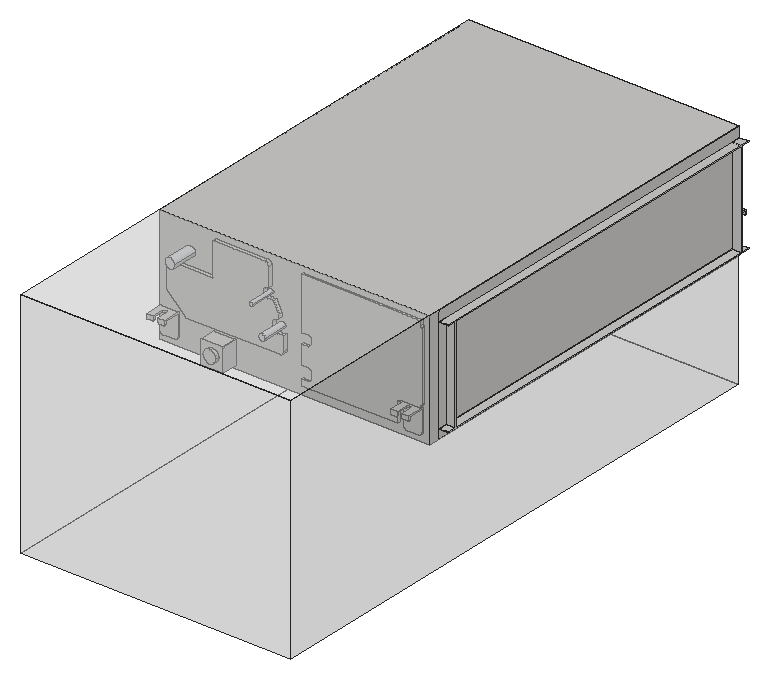
Revit family "outputfile", category 機械設備, Revit 2024
Family settings
  丸型コネクタ寸法 = 半径を使用
  パーツ タイプ = 標準
  OmniClass 番号 = 23.75.10.24.21.27.27
  OmniClass タイトル = Split System Air Conditioning Units
  作業面ベース = いいえ
  常に垂直 = はい
  ロード時にボイドで切り取り = いいえ
  注釈の向きを維持 = いいえ
  共有 = いいえ
  部屋計算ポイント = はい
Parameters (values of type "FXMQ140AFVM")
  Description = ""
  製造元 = "Daikin"
  書き出し IFC クラス(タイプ) = "IfcUnitaryEquipmentType"
  定義済み IFC タイプ(タイプ) = "AIRCONDITIONINGUNIT"
  Cost = 0
  モデル = "FXMQ140AFVM"
  Type Comments = ""
  Keynote = ""
  Type Image = (empty or 0)
  Assembly Code = ""
  w_dischargeflange = 805.0 mm
  w_dsuctionflange = 970.0 mm
  r_Liquid Pipe Size = Liquid Pipe Size / 2  # 4.75 mm
  r_Gas Pipe Size = Gas Pipe Size / 2  # 7.95 mm
  r_Drain Pipe Size = Drain Pipe Size / 2  # 12.5 mm
  lw_powersupply = 380.0 mm  # constant formula
  lw_mountinghole_pitch = 631.0 mm  # constant formula
  lw_mountinghole = 27.0 mm  # constant formula
  lw_maintenacesocket = 169.0 mm  # constant formula
  lw_liquidpipe = 290.0 mm  # constant formula
  lw_gaspipe = 318.0 mm  # constant formula
  lw_drainpipe = 80.0 mm  # constant formula
  lh_dischargeflange = 165.0 mm  # constant formula
  lh_powersupply = 56.0 mm  # constant formula
  lh_maintenacesocket = 40.0 mm  # constant formula
  lh_liquidpipe = 212.0 mm  # constant formula
  lh_gaspipe = 144.0 mm  # constant formula
  lh_drainpipe = 232.0 mm  # constant formula
  lh_suctionflange = 150.0 mm  # constant formula
  lh_antena = Height - lh_mountinghole + 1.0 mm  # 221.0 mm
  ld_dischargeflange = 435.0 mm
  ld_powersupply = Depth / 2  # 500.0 mm
  ld_mountinghole_pitch = 1038.0 mm
  ld_suctionflange = 513.0 mm
  h_dischargeflange = 265.0 mm  # constant formula
  lh_mountinghole = 80.0 mm  # constant formula
  h_mountinghole = [h***] + lh_mountinghole  # 80.0 mm
  h_suctionflange = 297.0 mm  # constant formula
  h*** = 0.0 mm  # constant formula
  d_dischargeflange = 25.0 mm  # constant formula
  d_pipe = 65.0 mm
  d_suctionflange = 25.0 mm  # constant formula
  Width = 700.0 mm
  Voltage_comment_60Hz = "220-230"
  Voltage_comment_50Hz = "220-240"
  Voltage_60Hz = 220 V
  Voltage_50Hz = 230 V
  Version = "ver.1.0"
  Unit Type = "Outdoor Air Processing Unit"
  Unit Mass Weight = 37.00 kg
  Unit Designation [instance] = ""
  Uniclass2015Version = "Products v1.30"
  Uniclass2015Title = "Variable refrigerant flow units"
  Uniclass2015Code = "Pr_70_65_03_94"
  URL = ""
  Total Heating Capacity [instance] = 0.000 kW
  Total Cooling Capacity [instance] = 0.000 kW
  Supply Air Direction [instance] = yes
  Sound Pressure Level_M speed (dBA) = 34
  Sound Pressure Level_L speed (dBA) = 25
  Sound Pressure Level_H speed (dBA) = 41
  Sound Power Level_H speed (dB) = 0
  Series = "VRV Fan Coil Unit"
  Sensible Cooling Capacity [instance] = 0.000 kW
  SA Duct Size Width = 760.0 mm
  SA Duct Size Height = 215.0 mm
  Refrigerant Type = "R410A"
  Power Input (Heating) = 0.125 kW
  Power Input (Cooling) = 0.100 kW
  Phase_60Hz = 1
  Phase_50Hz = 1
  Option Accessory 3 [instance] = ""
  Option Accessory 2 [instance] = ""
  Option Accessory 1 [instance] = ""
  OA Duct Size Width = 925.0 mm
  OA Duct Size Height = 247.0 mm
  Nominal Heating Capacity = 14.000 kW
  Nominal Cooling Capacity = 16.000 kW
  Minimum External Static Pressure = 50.00 Pa
  Minimum Circuit Amps_60Hz = 1.75 A
  Minimum Circuit Amps_50Hz = 1.75 A
  Minimum Airflow = 618.00 m³/h
  Median Airflow = 924.00 m³/h
  Maximum Fuse Amps_60Hz = 16.0 A
  Maximum Fuse Amps_50Hz = 16.0 A
  Maximum External Static Pressure = 200.00 Pa
  Maximum Airflow = 1230.00 m³/h
  Material_Casing = DAIKIN_GalvanizedSteel_Casing_indoorunit
  Load Classification = HVAC
  Liquid Pipe Size = 9.5 mm
  Link_Nested Family [instance] = ""
  IfcVersion = "0"
  IfcExportType = "AIRCONDITIONINGUNIT"
  IfcExportAs = "IfcUnitaryEquipmentType"
  Height = 300.0 mm
  Heating Entering Wet Bulb Temperature [instance] = 0.00 °C
  Heating Entering Dry Bulb Temperature [instance] = 0.00 °C
  Heating Ambient Wet Bulb Temperature [instance] = 0.00 °C
  Heating Ambient Dry Bulb Temperature [instance] = 0.00 °C
  Heat Exchanger Type = "Cross Fin Coil"
  Gas Pipe Size = 15.9 mm
  Frequency_60Hz = 60 Hz
  Frequency_50Hz = 50 Hz
  Fan Type = "Sirocco Fan"
  Fan Drive = "Direct Drive"
  FCU Tag No. [instance] = ""
  Drain Pipe Size = 25.0 mm
  Design Supply Airflow [instance] = 0.00 m³/h
  Design Outdoor Airflow [instance] = 0.00 m³/h
  Design External Static Pressure [instance] = 0.00 Pa
  Depth = 1000.0 mm
  既定の高さ = 0.0 mm
  Cooling Entering Wet Bulb Temperature [instance] = 0.00 °C
  Cooling Entering Dry Bulb Temperature [instance] = 0.00 °C
  Cooling Ambient Wet Bulb Temperature [instance] = 0.00 °C
  Cooling Ambient Dry Bulb Temperature [instance] = 0.00 °C
  Clearance visibility [instance] = yes
  Clearance Top = 0.0 mm
  Clearance Right = 0.0 mm
  Clearance Rear = 0.0 mm
  Clearance Left = 0.0 mm
  Clearance Front = 450.0 mm
  Clearance Bottom = 300.0 mm
Reference planes
  plane 1 "Center (Front/Back)": y = 0
  plane 2: z = 0
  plane 3 "Center (Left/Right)": x = 0
  plane 4 "Back": y = 500
  plane 5 "Front": y = -500
  plane 6 "Left": x = -350
  plane 7 "Right": x = 350
  plane 8 "Top": z = 0
  plane 9 "Bottom": z = -300
  plane 10: y = 500
  plane 11: y = -950
  plane 12: x = 350
  plane 13: x = -350
  plane 14: z = 0
  plane 15: z = -600
  plane 16: y = -506
  plane 17: y = -510
  plane 18: y = -541
  plane 19: y = -549
  plane 20: y = -565
  plane 21 "ld_drainpipe": x = -270
  plane 22 "ld_liquidpipe": x = -60
  plane 23 "ld_gaspipe": x = -32
  plane 24 "lh_gaspipe": z = -156
  plane 25 "lh_drainpipe": z = -68
  plane 26 "lh_liquidpipe": z = -88
  plane 27 "h_mountinghole": z = -220
  plane 28: x = -323
  plane 29: x = 308
  plane 30: y = 519
  plane 31: y = -519
  plane 32 "lh_powersuply": z = -244
  plane 33 "ld_powersupply": x = 30
  plane 34 "lh_dischargeflange": z = -150
  plane 35 "ld_dischargeflange": y = 13
  plane 36 "ld_suctionflange": y = 65
  plane 37 "lh_suctionflange": z = -135
  plane 38 "lh_maintenacesocket": z = -260
  plane 39 "lw_maintenacesocket": x = -181
Forms (mm)
  Extrusion 1, solid, material "DAIKIN_GalvanizedSteel_Casing_indoorunit" <- "Material_Casing"
    sketch origin (0, 0, 0) x (1, 0, 0) y (0, 0, 1)
      loop
        line (-350, 0) -> (-350, -300) -> (350, -300) -> (350, 0) -> (-350, 0)
    from -500 to 500
  Extrusion 2, solid, material "DAIKIN_GalvanizedSteel_Casing_indoorunit" <- "Material_Casing"
    sketch origin (0, 0, 0) x (1, 0, 0) y (0, 0, 1)
      loop
        line (23.104, -151.299) -> (41.1, -151.326)
        arc (41.1, -151.326) -> (46.767, -153.673) -> (49.114, -159.34) r 8.015
        line (49.114, -159.34) -> (49.104, -169.302)
        arc (49.104, -169.302) -> (46.761, -174.959) -> (41.104, -177.302) r 8
        line (41.104, -177.302) -> (23.104, -177.302) -> (23.104, -227.302) -> (41.104, -227.302)
        arc (41.104, -227.302) -> (46.761, -229.645) -> (49.104, -235.302) r 8
        line (49.104, -235.302) -> (49.104, -251.302)
        arc (49.104, -251.302) -> (46.761, -256.959) -> (41.104, -259.302) r 8
        line (41.104, -259.302) -> (23.104, -259.302) -> (23.104, -274.802) -> (271.104, -274.802) -> (271.104, -224.802)
        arc (271.104, -224.802) -> (272.568, -221.266) -> (276.104, -219.802) r 5
        line (276.104, -219.802) -> (327.104, -219.802)
        spline (327.104, -219.802) -> (327.496, -219.776) -> (327.88, -219.7) -> (328.252, -219.574) -> (328.604, -219.4) -> (328.93, -219.182) -> (329.225, -218.923) -> (329.484, -218.628) -> (329.702, -218.302) -> (329.876, -217.95) -> (330.002, -217.578) -> (330.078, -217.194) -> (330.104, -216.802)
        line (330.104, -216.802) -> (330.104, -213) -> (332, -213)
        arc (332, -213) -> (334.121, -212.121) -> (335, -210) r 3
        line (335, -210) -> (335, -32)
        arc (335, -32) -> (334.121, -29.879) -> (332, -29) r 3
        line (332, -29) -> (330.104, -29) -> (330.104, -15.8) -> (23.104, -15.8) -> (23.104, -151.299)
    from 500 to 506
  Extrusion 3, solid, material "DAIKIN_GalvanizedSteel_Casing_indoorunit" <- "Material_Casing"
    sketch origin (0, 0, 0) x (1, 0, 0) y (0, 0, 1)
      loop
        line (-70, -15.8) -> (-201, -15.8)
        arc (-201, -15.8) -> (-203.121, -16.679) -> (-204, -18.8) r 3
        line (-204, -18.8) -> (-204, -102) -> (-321, -102)
        arc (-321, -102) -> (-323.121, -102.879) -> (-324, -105) r 3
        line (-324, -105) -> (-324, -167.757)
        arc (-324, -167.757) -> (-323.772, -168.905) -> (-323.121, -169.879) r 3
        line (-323.121, -169.879) -> (-274.879, -218.121)
        arc (-274.879, -218.121) -> (-273.905, -218.772) -> (-272.757, -219) r 3
        line (-272.757, -219) -> (-30, -219)
        arc (-30, -219) -> (-22.929, -216.071) -> (-20, -209) r 10
        line (-20, -209) -> (-20, -172.5) -> (-26.169, -172.5)
        arc (-26.169, -172.5) -> (-49.051, -159.94) -> (-34, -138.615) r 17.5
        line (-34, -138.615) -> (-34, -127.5) -> (-47, -100.5) -> (-56.429, -100.5)
        arc (-56.429, -100.5) -> (-72.874, -89.803) -> (-60, -75) r 13
        line (-60, -75) -> (-60, -25.8)
        arc (-60, -25.8) -> (-62.929, -18.729) -> (-70, -15.8) r 10
    from 510 to 500
  Extrusion 4, solid, material "DAIKIN_GalvanizedSteel_Casing_indoorunit" <- "Material_Casing"
    sketch origin (0, 0, 0) x (1, 0, 0) y (0, 0, 1)
      loop
        line (-209.102, -232.7) -> (-209.102, -292.398) -> (-152.898, -292.398) -> (-152.898, -232.7)
        arc (-152.898, -232.7) -> (-153.133, -232.133) -> (-153.7, -231.898) r 0.802
        line (-153.7, -231.898) -> (-208.298, -231.898)
        arc (-208.298, -231.898) -> (-208.865, -232.133) -> (-209.102, -232.7) r 0.802
    from 500 to 541
  Extrusion 5, solid, material "DAIKIN_GalvanizedSteel_Casing_indoorunit" <- "Material_Casing"
    sketch origin (0, 0, 0) x (1, 0, 0) y (0, 0, 1)
      loop
        circle (-181, -260) r 16.5
    from 541 to 549
  Extrusion 6, solid
    sketch origin (0, 0, 0) x (1, 0, 0) y (0, 0, 1)
      loop
        circle (-270, -68) r 12.5
      loop
        circle (-60, -88) r 4.75
      loop
        circle (-32, -156) r 7.95
    from 500 to 565
Dimensions and locks
  "Height": plane 8 "Top" to plane 9 "Bottom"
  equal spacing: plane 6 "Left", plane 3 "Center (Left/Right)", plane 7 "Right", locked at 350 each
  "Width": plane 6 "Left" to plane 7 "Right"
  equal spacing: plane 4 "Back", plane 1 "Center (Front/Back)", plane 5 "Front"
  "Depth": plane 4 "Back" to plane 5 "Front"
  "Clearance Left": plane 13 to plane 6 "Left"
  "Clearance Right": plane 7 "Right" to plane 12
  "Clearance Rear": plane 10 to plane 4 "Back"
  "Clearance Front": plane 5 "Front" to plane 11
  "Clearance Top": plane 14 to plane 8 "Top"
  "Clearance Bottom": plane 9 "Bottom" to plane 15
  Extrusion 2 sketch curve to Extrusion 2 sketch curve to Extrusion 2 sketch curve = 307.0 mm locked, 4.896 mm locked
  Extrusion 2 sketch curve to Extrusion 2 sketch curve to Extrusion 2 sketch curve to Extrusion 2 sketch curve to Extrusion 2 sketch curve = 26.0 mm locked, 222.0 mm locked, 59.0 mm locked, 4.896 mm locked
  locked: Extrusion 2 sketch curve to Extrusion 2 sketch curve at 26.01
  locked: Extrusion 2 sketch curve to nested 1 at 23.104
  locked: Extrusion 2 sketch curve to plane 3 "Center (Left/Right)" at 23.104
  plane 3 "Center (Left/Right)" to Extrusion 2 sketch curve = 23.104 mm
  Extrusion 2 sketch curve to Extrusion 2 sketch curve to Extrusion 2 sketch curve to Extrusion 2 sketch curve to Extrusion 2 sketch curve = 161.502 mm locked, 50.0 mm locked, 32.0 mm locked, 15.5 mm locked
  locked: Extrusion 2 sketch curve to Extrusion 2 sketch curve at 68.127
  locked: Extrusion 2 sketch curve to Extrusion 2 sketch curve at 13.2
  locked: Extrusion 2 sketch curve to Extrusion 2 sketch curve at 6.802
  locked: Extrusion 2 sketch curve to Extrusion 2 sketch curve at 55
  locked: plane 5 "Front" to plane 16 at 6
  locked: plane 5 "Front" to plane 17 at 10
  locked: plane 5 "Front" to plane 18 at 41
  "d_pipe": plane 5 "Front" to plane 20
  "lw_drainpipe": plane 6 "Left" to plane 21 "ld_drainpipe"
  "lw_liquidpipe": plane 6 "Left" to plane 22 "ld_liquidpipe"
  "lw_gaspipe": plane 6 "Left" to plane 23 "ld_gaspipe"
  "lh_gaspipe": plane 24 "lh_gaspipe" to plane 9 "Bottom"
  "lh_liquidpipe": plane 26 "lh_liquidpipe" to plane 9 "Bottom"
  "lh_drainpipe": plane 25 "lh_drainpipe" to plane 9 "Bottom"
  "lh_mountinghole": plane 27 "h_mountinghole" to plane 9 "Bottom"
  "lw_mountinghole": plane 6 "Left" to plane 28
  "lw_mountinghole_pitch": plane 28 to plane 29
  equal spacing: plane 30, plane 1 "Center (Front/Back)", plane 31
  "ld_mountinghole_pitch": plane 30 to plane 31
  locked: Extrusion 3 sketch curve to plane 6 "Left" at 146
  locked: Extrusion 3 sketch curve to plane 6 "Left" at 290
  locked: plane 6 "Left" to Extrusion 3 sketch curve at 26
  locked: Extrusion 3 sketch curve to plane 6 "Left" at 316
  locked: Extrusion 3 sketch curve to plane 6 "Left" at 330
  locked: Extrusion 3 sketch curve to plane 9 "Bottom" at 81
  locked: Extrusion 3 sketch curve to plane 9 "Bottom" at 284.2
  locked: Extrusion 3 sketch curve to plane 9 "Bottom" at 199.5
  locked: Extrusion 3 sketch curve to plane 9 "Bottom" at 127.5
  locked: Extrusion 3 sketch curve to plane 9 "Bottom" at 198
  "lh_powersupply": plane 32 "lh_powersuply" to plane 9 "Bottom"
  "lw_powersupply": plane 6 "Left" to plane 33 "ld_powersupply"
  "lh_suctionflange": plane 34 "lh_dischargeflange" to plane 9 "Bottom"
  "ld_suctionflange": plane 35 "ld_dischargeflange" to plane 5 "Front"
  "ld_dischargeflange": plane 4 "Back" to plane 36 "ld_suctionflange"
  "lh_dischargeflange": plane 37 "lh_suctionflange" to plane 9 "Bottom"
  locked: plane 5 "Front" to plane 19 at 49
  "lh_maintenacesocket": plane 38 "lh_maintenacesocket" to plane 9 "Bottom"
  "lw_maintenacesocket": plane 6 "Left" to plane 39 "lw_maintenacesocket"
  equal spacing: Extrusion 4 sketch curve, plane 39 "lw_maintenacesocket", Extrusion 4 sketch curve
  locked: Extrusion 4 sketch curve to Extrusion 4 sketch curve at 56.204
  Extrusion 4 sketch curve to plane 38 "lh_maintenacesocket" to Extrusion 4 sketch curve = 28.102 mm locked, 32.398 mm locked
  "r_Drain Pipe Size": radius of Extrusion 6 sketch curve
  "r_Liquid Pipe Size": radius of Extrusion 6 sketch curve
  "r_Gas Pipe Size": radius of Extrusion 6 sketch curve
  aligned and locked: level to plane 2
  aligned and locked: Extrusion 1 sketch curve to plane 8 "Top"
  aligned and locked: plane 6 "Left" to Extrusion 1 sketch curve
  aligned and locked: plane 9 "Bottom" to Extrusion 1 sketch curve
  aligned and locked: Extrusion 1 sketch curve to plane 7 "Right"
  aligned and locked: plane 4 "Back" to Extrusion 1
  aligned and locked: Extrusion 1 to plane 5 "Front"
  aligned and locked: plane 10 to nested 1
  aligned and locked: plane 11 to nested 1
  aligned and locked: plane 12 to nested 1
  aligned and locked: nested 1 to plane 13
  aligned and locked: plane 15 to nested 1
  aligned and locked: plane 14 to nested 1
  aligned and locked: Extrusion 2 to plane 16
  aligned and locked: plane 5 "Front" to Extrusion 2
  aligned and locked: Extrusion 4 to plane 18
  aligned and locked: plane 5 "Front" to Extrusion 4
  aligned and locked: Extrusion 5 to plane 19
  aligned and locked: plane 18 to Extrusion 5
  aligned and locked: plane 25 "lh_drainpipe" to Extrusion 6 sketch curve
  aligned and locked: plane 21 "ld_drainpipe" to Extrusion 6 sketch curve
  aligned and locked: plane 26 "lh_liquidpipe" to Extrusion 6 sketch curve
  aligned and locked: plane 22 "ld_liquidpipe" to Extrusion 6 sketch curve
  aligned and locked: plane 23 "ld_gaspipe" to Extrusion 6 sketch curve
  aligned and locked: plane 24 "lh_gaspipe" to Extrusion 6 sketch curve
  aligned and locked: Extrusion 6 to plane 20
  aligned and locked: plane 5 "Front" to Extrusion 6
  aligned and locked: nested 2 to plane 5 "Front"
  aligned and locked: nested 2 to plane 21 "ld_drainpipe"
  aligned and locked: plane 25 "lh_drainpipe" to nested 2
  aligned and locked: nested 3 to plane 5 "Front"
  aligned and locked: nested 4 to plane 5 "Front"
  aligned and locked: plane 26 "lh_liquidpipe" to nested 3
  aligned and locked: plane 24 "lh_gaspipe" to nested 4
  aligned and locked: plane 29 to nested 5
  aligned and locked: plane 4 "Back" to nested 5
  aligned and locked: plane 27 "h_mountinghole" to nested 5
  aligned and locked: plane 28 to nested 6
  aligned and locked: plane 4 "Back" to nested 6
  aligned and locked: plane 27 "h_mountinghole" to nested 6
  aligned and locked: nested 7 to plane 29
  aligned and locked: plane 5 "Front" to nested 7
  aligned and locked: plane 5 "Front" to nested 8
  aligned and locked: nested 8 to plane 28
  aligned and locked: nested 7 to plane 27 "h_mountinghole"
  aligned and locked: nested 8 to plane 27 "h_mountinghole"
  aligned and locked: Extrusion 3 to plane 17
  aligned and locked: plane 5 "Front" to Extrusion 3
  aligned and locked: nested 11 to plane 28
  aligned and locked: nested 11 to plane 30
  aligned and locked: nested 12 to plane 29
  aligned and locked: nested 12 to plane 30
  aligned and locked: nested 9 to plane 29
  aligned and locked: plane 31 to nested 9
  aligned and locked: nested 10 to plane 28
  aligned and locked: plane 31 to nested 10
  aligned and locked: nested 13 to plane 32 "lh_powersuply"
  aligned and locked: plane 1 "Center (Front/Back)" to nested 14
  aligned and locked: nested 14 to plane 3 "Center (Left/Right)"
  aligned and locked: plane 34 "lh_dischargeflange" to nested 15
  aligned and locked: plane 7 "Right" to nested 15
  aligned and locked: plane 35 "ld_dischargeflange" to nested 15
  aligned and locked: nested 16 to plane 36 "ld_suctionflange"
  aligned and locked: nested 16 to plane 6 "Left"
  aligned and locked: plane 37 "lh_suctionflange" to nested 16
  aligned and locked: nested 17 to plane 6 "Left"
  aligned and locked: nested 17 to plane 36 "ld_suctionflange"
  aligned and locked: plane 7 "Right" to nested 18
  aligned and locked: plane 35 "ld_dischargeflange" to nested 18
  aligned and locked: nested 18 to plane 34 "lh_dischargeflange"
  aligned and locked: nested 17 to plane 37 "lh_suctionflange"
  aligned and locked: plane 38 "lh_maintenacesocket" to Extrusion 5 sketch curve
  aligned and locked: plane 39 "lw_maintenacesocket" to Extrusion 5 sketch curve
  aligned and locked: nested 3 to plane 22 "ld_liquidpipe"
  aligned and locked: nested 4 to plane 23 "ld_gaspipe"
  aligned and locked: nested 13 to plane 33 "ld_powersupply"
  aligned and locked: level to plane 8 "Top"
Automatic sketch dimensions
  Extrusion 2 sketch curve to Extrusion 2 sketch curve = 0.027 mm
  Extrusion 2 sketch curve to Extrusion 2 sketch curve = 8.015 mm
  Extrusion 2 sketch curve to Extrusion 2 sketch curve = 8.01 mm
  Extrusion 2 sketch curve to Extrusion 2 sketch curve = 0.0 mm  (x4)
  Extrusion 2 sketch curve to Extrusion 2 sketch curve = 8.0 mm  (x3)
  Extrusion 2 sketch curve to Extrusion 2 sketch curve = 5.0 mm
  Extrusion 2 sketch curve to Extrusion 2 sketch curve = 3.0 mm  (x2)
  Extrusion 2 sketch curve to Extrusion 2 sketch curve = 1.896 mm  (x2)
  Extrusion 2 sketch curve to plane 8 "Top" = 15.8 mm
  Extrusion 4 sketch curve to Extrusion 4 sketch curve = 0.804 mm
  Extrusion 4 sketch curve to Extrusion 4 sketch curve = 0.802 mm  (x2)
  Extrusion 4 sketch curve to Extrusion 4 sketch curve = 0.0 mm
  plane 23 "ld_gaspipe" to Extrusion 3 sketch curve = 0.0 mm
  Extrusion 3 sketch curve to plane 24 "lh_gaspipe" = 0.0 mm
  Extrusion 3 sketch curve to plane 26 "lh_liquidpipe" = 0.0 mm
  plane 28 to Extrusion 3 sketch curve = 0.121 mm
  Extrusion 3 sketch curve to plane 28 = 2.0 mm  (x2)
  plane 21 "ld_drainpipe" to Extrusion 3 sketch curve = 4.879 mm
  plane 21 "ld_drainpipe" to Extrusion 3 sketch curve = 2.757 mm
  Extrusion 3 sketch curve to Extrusion 3 sketch curve = 3.0 mm  (x2)
  plane 22 "ld_liquidpipe" to Extrusion 3 sketch curve = 10.0 mm
  Extrusion 3 sketch curve to plane 22 "ld_liquidpipe" = 3.571 mm
  Extrusion 3 sketch curve to Extrusion 3 sketch curve = 9.429 mm
  Extrusion 3 sketch curve to plane 23 "ld_gaspipe" = 2.0 mm
  Extrusion 3 sketch curve to plane 23 "ld_gaspipe" = 5.831 mm
  Extrusion 3 sketch curve to plane 24 "lh_gaspipe" = 11.757 mm
  Extrusion 3 sketch curve to Extrusion 3 sketch curve = 11.115 mm
  radius of Extrusion 5 sketch curve = 16.5 mm
Nested families
  nested 1: "daikin_clearancespace" at (0, -225, -299.881), visible <- "Clearance visibility", show <- "Clearance visibility", Link_Nested Family <- "Link_Nested Family", type "daikin_clearancespace"
    with width 700.0 mm, show yes, height 600.0 mm, depth 1450.0 mm, Link_Nested Family ""
  nested 2: "daikin_connector_rotate2" at (-270, -500, -68), length <- "d_pipe", radius <- "r_Drain Pipe Size", type "daikin_connector_rotate2"
    with radius 12.5 mm, length 65.0 mm, angle_vertical 90.00°, show_face no
  nested 3: "daikin_connector_rotate2" at (-60, -500, -88), length <- "d_pipe", radius <- "r_Liquid Pipe Size", type "daikin_connector_rotate2"
    with radius 4.75 mm, length 65.0 mm, angle_vertical 90.00°, show_face no
  nested 4: "daikin_connector_rotate2" at (-32, -500, -156), length <- "d_pipe", radius <- "r_Gas Pipe Size", type "daikin_connector_rotate2"
    with radius 7.95 mm, length 65.0 mm, angle_vertical 90.00°, show_face no
  nested 5: "daikin_hangerfixture_CeilingMountedDuct" at (308, 500, -220) x (-1, 0, 0) z (0, 0, 1), type "daikin_hangerfixture_CeilingMountedDuct"
  nested 6: "daikin_hangerfixture_CeilingMountedDuct" at (-323, 500, -220) x (-1, 0, 0) z (0, 0, 1), type "daikin_hangerfixture_CeilingMountedDuct"
  nested 7: "daikin_hangerfixture_CeilingMountedDuct" at (308, -500, -220) x (-1, 0, 0) z (0, 0, 1), type "daikin_hangerfixture_CeilingMountedDuct"
  nested 8: "daikin_hangerfixture_CeilingMountedDuct" at (-323, -500, -220) x (-1, 0, 0) z (0, 0, 1), type "daikin_hangerfixture_CeilingMountedDuct"
  nested 9: "daikin_mountinghole" at (308, -519, -300), Link_Nested Family <- "Link_Nested Family", l_antenna <- "lh_antena", h_mountinghole <- "h_mountinghole", type "daikin_mountinghole"
    with show yes, l_antenna 221.0 mm, h_mountinghole 80.0 mm, Link_Nested Family ""
  nested 10: "daikin_mountinghole" at (-323, -519, -300), Link_Nested Family <- "Link_Nested Family", l_antenna <- "lh_antena", h_mountinghole <- "h_mountinghole", type "daikin_mountinghole"
    with show yes, l_antenna 221.0 mm, h_mountinghole 80.0 mm, Link_Nested Family ""
  nested 11: "daikin_mountinghole" at (-323, 519, -300), Link_Nested Family <- "Link_Nested Family", l_antenna <- "lh_antena", h_mountinghole <- "h_mountinghole", type "daikin_mountinghole"
    with show yes, l_antenna 221.0 mm, h_mountinghole 80.0 mm, Link_Nested Family ""
  nested 12: "daikin_mountinghole" at (308, 519, -300), Link_Nested Family <- "Link_Nested Family", l_antenna <- "lh_antena", h_mountinghole <- "h_mountinghole", type "daikin_mountinghole"
    with show yes, l_antenna 221.0 mm, h_mountinghole 80.0 mm, Link_Nested Family ""
  nested 13: "daikin_connector_rotate2" at (30, 0, -244), length <- "ld_powersupply", type "daikin_connector_rotate2"
    with radius 10.0 mm, length 500.0 mm, angle_vertical 90.00°, show_face no
  nested 14: "daikin_△_symbolicline" at (0, 0, 300) x (0, -1, 0) z (0, 0, 1), visible <- "Supply Air Direction", built-in parameter 1001364 <- "Height", type "daikin_△_symbolicline"
    with length 300.0 mm
  nested 15: "daikin_ductflange_FXMQ-AFVM" at (350, 13, -298.5) x (0, 1, 0) z (0, 0, 1), depth <- "d_suctionflange", height <- "h_suctionflange", width <- "w_dsuctionflange", material <- "Material_Casing", type "daikin_ductflange_FXMQ-AFVM"
    with width 970.0 mm, top1 25.0 mm, right1 22.5 mm, material DAIKIN_GalvanizedSteel_Casing_indoorunit, left1 22.5 mm, height 297.0 mm, depth 25.0 mm, Bottom1 25.0 mm
  nested 16: "daikin_ductflange_FXMQ-AFVM" at (-350, 65, -267.5) x (0, -1, 0) z (0, 0, 1), material <- "Material_Casing", depth <- "d_dischargeflange", height <- "h_dischargeflange", width <- "w_dischargeflange", type "daikin_ductflange_FXMQ-AFVM"
    with width 805.0 mm, top1 25.0 mm, right1 22.5 mm, material DAIKIN_GalvanizedSteel_Casing_indoorunit, left1 22.5 mm, height 265.0 mm, depth 25.0 mm, Bottom1 25.0 mm
  nested 17: "daikin_connector_rotate2" at (-350, 65, -135) x (0, -1, 0) z (0, 0, 1), length <- "d_dischargeflange", type "daikin_connector_rotate2"
    with radius 10.0 mm, length 25.0 mm, angle_vertical 90.00°, show_face no
  nested 18: "daikin_connector_rotate2" at (350, 13, -150) x (0, 1, 0) z (0, 0, 1), length <- "d_suctionflange", type "daikin_connector_rotate2"
    with radius 10.0 mm, length 25.0 mm, angle_vertical 90.00°, show_face no
Connectors
  piping at (-270, -565, -68), diameter 25, driven by "r_Drain Pipe Size"
    settings: on nested 2, index 1, connector inside diameter 609.6 mm, connector length 0.0 mm, flow factor 0, pipe flow 0.00 m³/h, pressure drop 0.0 Pa, fitting loss kfactor 0, connector angle 0.00°, fixture units 0, engagement length 0.0 mm, angle of deflection 0.00°, flow configuration 1, flow direction 2, fitting loss method 4, system type 16, joint type 0, gender type 0, connector reference index -1, connector utility 0, adjustable connector no, is connector primary yes, connector description "Condensate Drain Piping"
  piping at (-60, -565, -88), diameter 9.5, driven by "r_Liquid Pipe Size"
    settings: on nested 3, index 2, connector inside diameter 609.6 mm, connector length 0.0 mm, flow factor 0, pipe flow 0.00 m³/h, pressure drop 0.0 Pa, fitting loss kfactor 0, connector angle 0.00°, fixture units 0, engagement length 0.0 mm, angle of deflection 0.00°, flow configuration 1, flow direction 1, fitting loss method 0, system type 29, joint type 0, gender type 0, connector reference index -1, connector utility 0, adjustable connector no, is connector primary no, connector description "Refrigerant Liquid Piping"
  piping at (-32, -565, -156), diameter 15.9, driven by "r_Gas Pipe Size"
    settings: on nested 4, index 3, connector inside diameter 609.6 mm, connector length 0.0 mm, flow factor 0, pipe flow 0.00 m³/h, pressure drop 0.0 Pa, fitting loss kfactor 0, connector angle 0.00°, fixture units 0, engagement length 0.0 mm, angle of deflection 0.00°, flow configuration 1, flow direction 2, fitting loss method 0, system type 29, joint type 0, gender type 0, connector reference index -1, connector utility 0, adjustable connector no, is connector primary no, connector description "Refrigerant Gas Piping"
  electrical at (30, -500, -244), driven by "Load Classification"
    settings: on nested 13, index 4, voltage 0 V, apparent load 0 VA, apparent load phase1 0 VA, apparent load phase2 0 VA, apparent load phase3 0 VA, power factor 1, load classification "HVAC", number of poles 1, system type 30, power factor state 1, is connector primary yes, connector utility no, sub classification motor no, connector description "Power Supply"
  hvac at (375, 13, -150), driven by "OA Duct Size Height", driven by "OA Duct Size Width"
    settings: on nested 15, index 5, duct flow 0.00 m³/h, flow factor 0, pres drop 0.00 Pa, loss coef 0, conn angle 0.00°, conn width 925.0 mm, conn height 247.0 mm, conn diameter 609.6 mm, duct sys type 1, conn prof type 1, flow config 0, flow direction 1, loss method 4, conn ref index -1, conn util no, is conn primary no, conn desc "OA Duct"
  hvac at (-375, 65, -135), driven by "SA Duct Size Height", driven by "SA Duct Size Width"
    settings: on nested 16, index 6, duct flow 0.00 m³/h, flow factor 0, pres drop 0.00 Pa, loss coef 0, conn angle 0.00°, conn width 760.0 mm, conn height 215.0 mm, conn diameter 609.6 mm, duct sys type 1, conn prof type 1, flow config 0, flow direction 2, loss method 4, conn ref index -1, conn util no, is conn primary yes, conn desc "SA Duct"
Definition of nested family "daikin_clearancespace"
  Parameters (values of type "daikin_clearancespace")
    width [instance] = 1823.963 mm
    show [instance] = yes
    material = none
    height [instance] = 1359.762 mm
    depth [instance] = 880.0 mm
    Default Elevation = 0.0 mm
    Link_Nested Family [instance] = ""
  Reference planes
    plane 1 "Center (Front/Back)": y = 0
    plane 2 "Center (Elevation)": z = -0.119
    plane 3 "Center (Left/Right)": x = 0
    plane 4: y = 440
    plane 5: y = -440
    plane 6 "Right": x = 911.982
    plane 7 "Left": x = -911.982
    plane 8 "Top": z = 679.762
    plane 9 "Bottom": z = -680
  Forms (mm)
    Extrusion 1, solid, material <- "material", visible <- "show"
      sketch origin (0, 0, 0) x (1, 0, 0) y (0, 1, 0)
        loop
          line (-911.982, 440) -> (-911.982, -440) -> (911.982, -440) -> (911.982, 440) -> (-911.982, 440)
      from -680 to 679.762
  Lines and regions (mm)
    symbolic lines, visible <- "show"
      curve 1: line (911.982, 440, 0) -> (-911.982, 440, 0)
      curve 2: line (-911.982, 440, 0) -> (-911.982, -440, 0)
      curve 3: line (-911.982, -440, 0) -> (911.982, -440, 0)
      curve 4: line (911.982, -440, 0) -> (911.982, 440, 0)
      curve 5: line (911.982, 0, 679.762) -> (-911.982, 0, 679.762)
      curve 6: line (911.982, 0, -680) -> (911.982, 0, 679.762)
      curve 7: line (-911.982, 0, -680) -> (911.982, 0, -680)
      curve 8: line (-911.982, 0, 679.762) -> (-911.982, 0, -680)
      curve 9: line (0, 440, 679.762) -> (0, -440, 679.762)
      curve 10: line (0, -440, 679.762) -> (0, -440, -680)
      curve 11: line (0, 440, -680) -> (0, 440, 679.762)
      curve 12: line (0, -440, -680) -> (0, 440, -680)
  Dimensions and locks
    "width": plane 7 "Left" to plane 6 "Right"
    "depth": plane 4 to plane 5
    "height": plane 8 "Top" to plane 9 "Bottom"
    equal spacing: plane 7 "Left", plane 3 "Center (Left/Right)", plane 6 "Right"
    equal spacing: plane 4, plane 1 "Center (Front/Back)", plane 5
    equal spacing: plane 8 "Top", plane 2 "Center (Elevation)", plane 9 "Bottom"
    aligned and locked: level to plane 2 "Center (Elevation)"
    aligned and locked: Extrusion 1 sketch curve to plane 4
    aligned and locked: plane 7 "Left" to Extrusion 1 sketch curve
    aligned and locked: Extrusion 1 sketch curve to plane 5
    aligned and locked: Extrusion 1 sketch curve to plane 6 "Right"
    aligned and locked: plane 8 "Top" to Extrusion 1
    aligned and locked: curve 1 to Extrusion 1
    aligned and locked: curve 2 to Extrusion 1
    aligned and locked: curve 3 to Extrusion 1
    aligned and locked: curve 4 to Extrusion 1
    aligned and locked: curve 5 to Extrusion 1
    aligned and locked: curve 6 to Extrusion 1
    aligned and locked: curve 7 to Extrusion 1
    aligned and locked: curve 8 to Extrusion 1
    aligned and locked: curve 9 to Extrusion 1
    aligned and locked: curve 10 to Extrusion 1
    aligned and locked: curve 11 to Extrusion 1
    aligned and locked: curve 12 to Extrusion 1
    aligned and locked: Extrusion 1 to plane 9 "Bottom"
Definition of nested family "daikin_hangerfixture_CeilingMountedDuct"
  Parameters (values of type "daikin_hangerfixture_CeilingMountedDuct")
    width = 48.0 mm
    material = none
    height = 65.0 mm
    depth = 45.0 mm
    Default Elevation = 0.0 mm
  Reference planes
    plane 1 "Center (Front/Back)": y = 0
    plane 2: z = 0
    plane 3 "Center (Left/Right)": x = 0
    plane 4: y = 417.146
    plane 5: y = -45
    plane 6: x = -24
    plane 7: x = 24
    plane 8: z = -2.3
    plane 9: z = -65
    plane 10: y = -2.3
    plane 11: z = -12
    plane 12: y = -42.7
  Forms (mm)
    Extrusion 1, solid, material <- "material"
      sketch origin (0, 0, 0) x (1, 0, 0) y (0, 1, 0)
        loop
          line (24, 0) -> (-24, 0) -> (-24, -45) -> (-6, -45) -> (-6, -19)
          arc (-6, -19) -> (0, -13) -> (6, -19) r 6
          line (6, -19) -> (6, -45) -> (24, -45) -> (24, 0)
      from 0 to -2.3
    Extrusion 2, solid, material <- "material"
      sketch origin (0, 0, 0) x (1, 0, 0) y (0, 0, 1)
        loop
          line (24, -55) -> (24, 0) -> (-24, 0) -> (-24, -55)
          arc (-24, -55) -> (-21.071, -62.071) -> (-14, -65) r 10
          line (-14, -65) -> (14, -65)
          arc (14, -65) -> (21.071, -62.071) -> (24, -55) r 10
      from 0 to 2.3
    Extrusion 3, solid, material <- "material"
      sketch origin (0, 0, 0) x (1, 0, 0) y (0, 0, 1)
        loop
          line (-6, -9) -> (-6, 0) -> (-24, 0) -> (-24, -9)
          arc (-24, -9) -> (-23.121, -11.121) -> (-21, -12) r 3
          line (-21, -12) -> (-9, -12)
          arc (-9, -12) -> (-6.879, -11.121) -> (-6, -9) r 3
        loop
          line (6, 0) -> (6, -9)
          arc (6, -9) -> (6.879, -11.121) -> (9, -12) r 3
          line (9, -12) -> (21, -12)
          arc (21, -12) -> (23.121, -11.121) -> (24, -9) r 3
          line (24, -9) -> (24, 0) -> (6, 0)
      from 42.7 to 45
  Cuts and joins
    joined: Extrusion 1, Extrusion 2, Extrusion 3
  Dimensions and locks
    "width": plane 6 to plane 7
    "depth": plane 5 to plane 1 "Center (Front/Back)"
    plane 2 to plane 8 = 2.3 mm
    "height": plane 2 to plane 9
    locked: plane 10 to plane 1 "Center (Front/Back)" at 2.3
    locked: plane 2 to plane 11 at 12
    locked: plane 12 to plane 5 at 2.3
    aligned and locked: level to plane 2
    aligned and locked: Extrusion 1 sketch curve to plane 1 "Center (Front/Back)"
    aligned and locked: plane 7 to Extrusion 1
    aligned and locked: Extrusion 1 to plane 6
    aligned and locked: Extrusion 1 to plane 5  (x2)
    aligned and locked: Extrusion 1 to plane 8
    aligned and locked: plane 2 to Extrusion 1
    aligned and locked: plane 2 to Extrusion 2 sketch curve
    aligned and locked: Extrusion 2 to plane 9
    aligned and locked: Extrusion 2 to plane 10
    aligned and locked: Extrusion 2 to plane 1 "Center (Front/Back)"
    aligned and locked: plane 2 to Extrusion 3 sketch curve  (x2)
    aligned and locked: Extrusion 3 to plane 11  (x2)
    aligned and locked: plane 12 to Extrusion 3
    aligned and locked: Extrusion 3 to plane 5
  Automatic sketch dimensions
    Extrusion 1 sketch curve to plane 6 = 0.0 mm
    Extrusion 1 sketch curve to plane 5 = 0.0 mm  (x2)
    Extrusion 1 sketch curve to plane 3 "Center (Left/Right)" = 0.0 mm
    Extrusion 1 sketch curve to plane 7 = 0.0 mm
    Extrusion 1 sketch curve to plane 3 "Center (Left/Right)" = 6.0 mm
    plane 1 "Center (Front/Back)" to Extrusion 1 sketch curve = 19.0 mm
    Extrusion 2 sketch curve to plane 7 = 0.0 mm
    Extrusion 2 sketch curve to plane 7 = 10.0 mm
    Extrusion 2 sketch curve to plane 8 = 52.7 mm
    plane 6 to Extrusion 2 sketch curve = 10.0 mm
    Extrusion 2 sketch curve to plane 6 = 0.0 mm
    Extrusion 3 sketch curve to plane 6 = 0.0 mm
    Extrusion 3 sketch curve to plane 7 = 0.0 mm
    Extrusion 3 sketch curve to Extrusion 3 sketch curve = 3.0 mm  (x2)
    Extrusion 3 sketch curve to plane 8 = 6.7 mm
    Extrusion 3 sketch curve to plane 3 "Center (Left/Right)" = 9.0 mm
    Extrusion 3 sketch curve to plane 3 "Center (Left/Right)" = 6.0 mm
    plane 3 "Center (Left/Right)" to Extrusion 3 sketch curve = 6.0 mm
    Extrusion 3 sketch curve to plane 7 = 3.0 mm
    Extrusion 3 sketch curve to plane 8 = 9.7 mm
Definition of nested family "daikin_ductflange_FXMQ-AFVM"
  Parameters (values of type "daikin_ductflange_CeilingMountedDuct")
    width [instance] = 670.0 mm
    right1 [instance] = 22.5 mm
    left1 [instance] = 22.5 mm
    Bottom1 [instance] = 25.0 mm
    material [instance] = none
    height [instance] = 272.0 mm
    depth [instance] = 25.0 mm
    top1 [instance] = 25.0 mm
    Default Elevation = 0.0 mm
  Reference planes
    plane 1 "Center (Front/Back)": y = 0
    plane 2: z = 0
    plane 3 "Center (Left/Right)": x = 0
    plane 4: y = -25
    plane 5: x = -335
    plane 6: x = 335
    plane 7 "Top": z = 272
    plane 8: y = -1
    plane 9: x = -312.5
    plane 10: x = 312.5
    plane 11: z = 247
    plane 12: z = 25
    plane 13 "Center (Elevation)": z = 136
  Forms (mm)
    Extrusion 1, solid, material <- "material"
      sketch origin (0, 0, 0) x (1, 0, 0) y (0, 0, 1)
        loop
          line (-335, 272) -> (-335, 0) -> (335, 0) -> (335, 272) -> (-335, 272)
        loop
          line (-312.5, 247) -> (-312.5, 25) -> (312.5, 25) -> (312.5, 247) -> (-312.5, 247)
      from 0 to 1
    Extrusion 2, solid, material <- "material"
      sketch origin (0, 0, 0) x (1, 0, 0) y (0, 1, 0)
        loop
          line (-312.5, -1) -> (-313.496, -1) -> (-313.496, -25) -> (-312.5, -25) -> (-312.5, -1)
        loop
          line (312.5, -1) -> (312.5, -25) -> (313.496, -25) -> (313.496, -1) -> (312.5, -1)
      from 25 to 247
    Extrusion 3, solid, material <- "material"
      sketch origin (0, 0, 0) x (0, 1, 0) y (0, 0, 1)
        loop
          line (-1, 247) -> (-1, 247.958) -> (-25, 247.958) -> (-25, 247) -> (-1, 247)
        loop
          line (-1, 25) -> (-25, 25) -> (-25, 24.042) -> (-1, 24.042) -> (-1, 25)
      from -335 to 335
  Cuts and joins
    joined: Extrusion 1, Extrusion 2, Extrusion 3
  Dimensions and locks
    "height": plane 7 "Top" to plane 2
    "width": plane 5 to plane 6
    equal spacing: plane 5, plane 3 "Center (Left/Right)", plane 6
    "depth": plane 1 "Center (Front/Back)" to plane 4
    locked: plane 8 to plane 1 "Center (Front/Back)" at 1
    "left1": plane 5 to plane 9
    "right1": plane 10 to plane 6
    locked: Extrusion 2 sketch curve to Extrusion 2 sketch curve at 0.996  (x2)
    "top1": plane 7 "Top" to plane 11
    "Bottom1": plane 12 to plane 2
    equal spacing: plane 7 "Top", plane 13 "Center (Elevation)", plane 2
    locked: Extrusion 3 sketch curve to Extrusion 2 at 0.958  (x2)
    aligned and locked: level to plane 2
    aligned and locked: Extrusion 1 sketch curve to plane 7 "Top"
    aligned and locked: plane 5 to Extrusion 1 sketch curve
    aligned and locked: Extrusion 1 sketch curve to plane 6
    aligned and locked: plane 2 to Extrusion 1 sketch curve
    aligned and locked: Extrusion 1 to plane 8
    aligned and locked: Extrusion 2 sketch curve to plane 8
    aligned and locked: Extrusion 2 sketch curve to plane 9
    aligned and locked: plane 8 to Extrusion 2 sketch curve
    aligned and locked: Extrusion 2 sketch curve to plane 10
    aligned and locked: plane 11 to Extrusion 2
    aligned and locked: Extrusion 2 to plane 12
    aligned and locked: plane 8 to Extrusion 3 sketch curve
    aligned and locked: Extrusion 3 sketch curve to plane 11
    aligned and locked: Extrusion 3 sketch curve to plane 8
    aligned and locked: Extrusion 3 sketch curve to plane 12
    aligned and locked: Extrusion 3 to plane 5
    aligned and locked: plane 6 to Extrusion 3
    aligned and locked: plane 4 to Extrusion 2 sketch curve
    aligned and locked: Extrusion 2 sketch curve to plane 4
    aligned and locked: plane 4 to Extrusion 3 sketch curve
    aligned and locked: Extrusion 3 sketch curve to plane 4
    aligned and locked: plane 9 to Extrusion 1 sketch curve
    aligned and locked: Extrusion 1 sketch curve to plane 10
    aligned and locked: plane 12 to Extrusion 1 sketch curve
    aligned and locked: Extrusion 1 sketch curve to plane 11
Definition of nested family "daikin_connector_rotate2"
  Parameters (values of type "daikin_connector_rotate2")
    show_face = yes
    radius [instance] = 10.0 mm
    length [instance] = 600.0 mm
    d_surface = 10.0 mm
    angle_vertical [instance] = 90.00°
    Default Elevation = 0.0 mm
  Reference planes
    plane 1 "Center (Front/Back)": y = 0
    plane 2: z = 0
    plane 3 "Center (Left/Right)": x = 0
  Forms (mm)
    Extrusion 1, solid, visible <- "show_face"
      sketch origin (0, -600, 0) x (1, 0, 0) y (0, 0, 1)
        loop
          circle (0, 0) r 10
      from 0 to -10
  Lines and regions (mm)
    reference lines
      curve 1: line (0, 0, 0) -> (0, -600, 0)
    symbolic lines
      curve 2: circle (0, 0, 0) r 5 normal (0, 0, 1)
    model lines, visible <- "show_face"
      curve 3: line (0, 0, 0) -> (0, -600, 0)
  Dimensions and locks
    "length": curve 1 to curve 1
    "length": curve 3 to curve 3
    "d_surface": Extrusion 1 to Extrusion 1
    "radius": radius of Extrusion 1 sketch curve
    "angle_vertical": angle curve 1 to plane 1 "Center (Front/Back)"
    "angle_vertical": angle curve 3 to plane 1 "Center (Front/Back)"
    aligned and locked: level to plane 2
    aligned and locked: plane 1 "Center (Front/Back)" to curve 1
    aligned and locked: plane 2 to curve 1
    aligned and locked: plane 1 "Center (Front/Back)" to curve 2
    aligned and locked: plane 3 "Center (Left/Right)" to curve 2
    aligned and locked: plane 1 "Center (Front/Back)" to curve 3
    aligned and locked: plane 2 to curve 3
    aligned and locked: Extrusion 1 to Extrusion 1
  Automatic sketch dimensions
    Extrusion 1 sketch curve to level = 0.0 mm
    Extrusion 1 sketch curve to plane 3 "Center (Left/Right)" = 0.0 mm
    radius of curve 2 = 5.0 mm
Definition of nested family "daikin_mountinghole"
  Parameters (values of type "daikin_mountinghole")
    Default Elevation = 1219.2 mm
    Type Comments = "mountinghole"
    show [instance] = yes
    material = none
    l_centerline = 100.0 mm
    l_antenna [instance] = 100.0 mm
    h_mountinghole [instance] = 0.0 mm
    d_circle = 30.0 mm
    Link_Nested Family [instance] = ""
  Reference planes
    plane 1 "Center (Front/Back)": y = 0
    plane 2: z = 0
    plane 3 "Center (Left/Right)": x = 0
    plane 4: y = 50
    plane 5: x = -50
    plane 6: x = 50
    plane 7: y = -50
    plane 8 "h_mountinghole": z = 0
    plane 9: z = 100
  Lines and regions (mm)
    model lines, detail levels fine
      curve 1: circle (0, 0, 0) r 15 normal (0, 0, 1)
      curve 2: line (-50, 0, 0) -> (50, 0, 0)
      curve 3: line (0, 50, 0) -> (0, -50, 0)
    symbolic lines, detail levels fine
      curve 4: circle (0, 0, 0) r 15 normal (0, 0, 1)
      curve 5: line (-50, 0, 0) -> (50, 0, 0)
      curve 6: line (0, 50, 0) -> (0, -50, 0)
    model lines
      curve 7: line (0, 0, 100) -> (0, 0, 0)
  Dimensions and locks
    equal spacing: plane 4, plane 1 "Center (Front/Back)", plane 7
    "l_centerline": plane 4 to plane 7
    equal spacing: plane 5, plane 3 "Center (Left/Right)", plane 6
    "l_centerline": plane 5 to plane 6
    "l_antenna": plane 9 to plane 8 "h_mountinghole"
    "h_mountinghole": plane 8 "h_mountinghole" to plane 2
    "d_circle": diameter of curve 1
    "d_circle": diameter of curve 4
    aligned and locked: level to plane 2
    aligned and locked: plane 1 "Center (Front/Back)" to curve 1
    aligned and locked: plane 3 "Center (Left/Right)" to curve 1
    aligned and locked: plane 1 "Center (Front/Back)" to curve 2
    aligned and locked: curve 3 to plane 3 "Center (Left/Right)"
    aligned and locked: plane 6 to curve 2
    aligned and locked: plane 5 to curve 2
    aligned and locked: plane 4 to curve 3
    aligned and locked: plane 7 to curve 3
    aligned and locked: plane 1 "Center (Front/Back)" to curve 4
    aligned and locked: plane 3 "Center (Left/Right)" to curve 4
    aligned and locked: plane 6 to curve 5
    aligned and locked: plane 5 to curve 5
    aligned and locked: plane 1 "Center (Front/Back)" to curve 5
    aligned and locked: plane 4 to curve 6
    aligned and locked: plane 7 to curve 6
    aligned and locked: curve 6 to plane 3 "Center (Left/Right)"
    aligned and locked: curve 7 to plane 3 "Center (Left/Right)"
    aligned and locked: plane 9 to curve 7
    aligned and locked: plane 8 "h_mountinghole" to curve 7
Definition of nested family "daikin_△_symbolicline"
  Parameters (values of type "daikin_△_symbolicline")
    length [instance] = 500.0 mm
    Default Elevation = 0.0 mm
  Reference planes
    plane 1 "Center (Front/Back)": y = 0
    plane 2: z = 0
    plane 3 "Center (Left/Right)": x = 0
  Lines and regions (mm)
    symbolic lines
      curve 1: line (0, -433.013, 0) -> (250, 0, 0)
      curve 2: line (250, 0, 0) -> (-250, 0, 0)
      curve 3: line (-250, 0, 0) -> (0, -433.013, 0)
  Dimensions and locks
    equal spacing: curve 3, plane 3 "Center (Left/Right)", curve 2
    "length": curve 3 to curve 2
    "length": curve 3 to curve 3
    "length": curve 1 to curve 1
    aligned and locked: level to plane 2
    aligned and locked: curve 2 to plane 1 "Center (Front/Back)"
    aligned and locked: plane 3 "Center (Left/Right)" to curve 3
